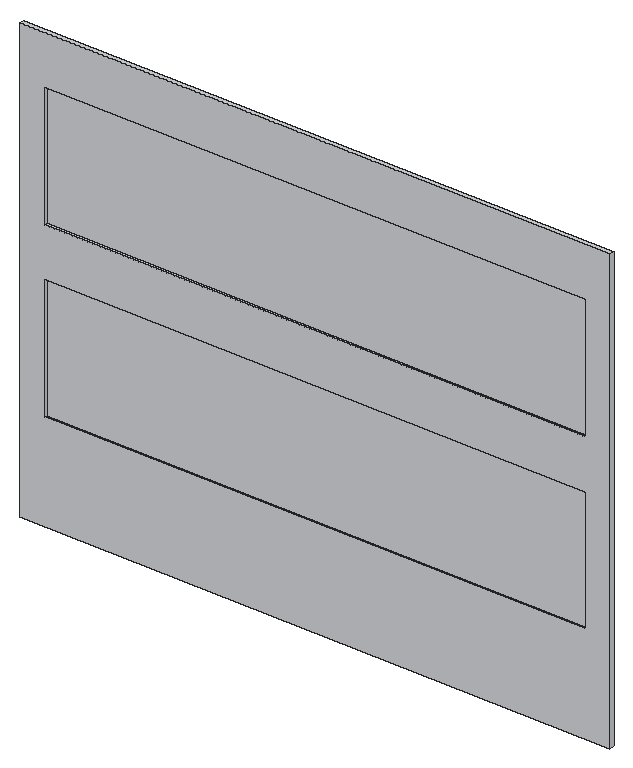
Revit family "ascot.Vogue Duo 900", category Generic Models, Revit 2017
Family settings
  Can host rebar = No
  Round Connector Dimension = Use Diameter
  Part Type = Normal
  Work Plane-Based = No
  Always vertical = Yes
  Cut with Voids When Loaded = No
  Shared = Yes
  Room Calculation Point = No
Parameters (values of type "2720 x 1200")
  Panel_width = 1200 mm  # constant formula
  Panel_thickness = 9 mm  # constant formula
  Ascot Panel Material = none
  URL = "https://www.easycraft.com.au/uploads/files/2018/08/08/file5b6a87bba428c.pdf"
  Model = "ascot.Vogue Duo 900 (900 x 1200)"  # constant formula
  Manufacturer = "Easycraft Australia Pty Ltd ph 07 3906 7200"  # constant formula
  Panel_height = 900 mm  # constant formula
  Description = "ASVG 90x120"  # constant formula
  Assembly Code = ""
Reference planes
  plane 1 "Center (Front/Back)": y = 0
  plane 2: z = 0
  plane 3 "Center (Left/Right)": x = 0
  plane 4 "Panel face": y = -9
  plane 5: z = 900
  plane 6: x = 1200
Forms (mm)
  Extrusion 1, solid, material <- "Ascot Panel Material"
    sketch origin (0, 0, 0) x (1, 0, 0) y (0, 1, 0)
      loop
        line (0, 0) -> (0, -9) -> (1200, -9) -> (1200, 0) -> (0, 0)
    from 0 to 900
  Extrusion 2, void
    sketch origin (0, -9, 0) x (1, 0, 0) y (0, 0, 1)
      loop
        line (50, 800) -> (50, 550) -> (1150, 550) -> (1150, 800) -> (50, 800)
    from 0 to -5
  Extrusion 3, void
    sketch origin (0, -9, -350) x (1, 0, 0) y (0, 0, 1)
      loop
        line (50, 800) -> (50, 550) -> (1150, 550) -> (1150, 800) -> (50, 800)
    from 0 to -5
Cuts and joins
  Extrusion 2, Extrusion 3 cuts Extrusion 1
Dimensions and locks
  "Panel_thickness": plane 4 "Panel face" to plane 1 "Center (Front/Back)"
  "Panel_height": plane 5 to plane 2
  "Panel_width": plane 6 to plane 3 "Center (Left/Right)"
  locked: cut or joined group of Extrusion 1, Extrusion 2, Extrusion 3 to plane 3 "Center (Left/Right)" at 50  (x2)
  locked: plane 6 to cut or joined group of Extrusion 1, Extrusion 2, Extrusion 3 at 50  (x2)
  locked: plane 5 to cut or joined group of Extrusion 1, Extrusion 2, Extrusion 3 at 100
  locked: cut or joined group of Extrusion 1, Extrusion 2, Extrusion 3 to plane 2 at 550
  locked: cut or joined group of Extrusion 1, Extrusion 2, Extrusion 3 to plane 2 at 200
  locked: plane 5 to cut or joined group of Extrusion 1, Extrusion 2, Extrusion 3 at 450
  cut or joined group of Extrusion 1, Extrusion 2, Extrusion 3 to cut or joined group of Extrusion 1, Extrusion 2, Extrusion 3 = 1100 mm
  cut or joined group of Extrusion 1, Extrusion 2, Extrusion 3 to cut or joined group of Extrusion 1, Extrusion 2, Extrusion 3 to cut or joined group of Extrusion 1, Extrusion 2, Extrusion 3 to cut or joined group of Extrusion 1, Extrusion 2, Extrusion 3 to cut or joined group of Extrusion 1, Extrusion 2, Extrusion 3 to cut or joined group of Extrusion 1, Extrusion 2, Extrusion 3 = 100 mm, 250 mm, 100 mm, 250 mm, 200 mm
  aligned and locked: level to plane 2
  aligned and locked: Extrusion 1 to level
  aligned and locked: plane 4 "Panel face" to Extrusion 1
  aligned and locked: plane 5 to Extrusion 1
  aligned and locked: Extrusion 1 sketch curve to plane 6
Automatic sketch dimensions
  Extrusion 1 sketch curve to plane 3 "Center (Left/Right)" = 0 mm
  plane 4 "Panel face" to Extrusion 1 sketch curve = 0 mm
  plane 1 "Center (Front/Back)" to Extrusion 1 sketch curve = 0 mm
  plane 3 "Center (Left/Right)" to Extrusion 2 sketch curve = 50 mm
  Extrusion 2 sketch curve to plane 6 = 50 mm
  Extrusion 2 sketch curve to plane 5 = 350 mm
  Extrusion 2 sketch curve to plane 5 = 100 mm
  plane 3 "Center (Left/Right)" to Extrusion 3 sketch curve = 50 mm
  Extrusion 3 sketch curve to plane 6 = 50 mm
  level to Extrusion 3 sketch curve = 200 mm
  Extrusion 3 sketch curve to Extrusion 3 sketch curve = 250 mm
